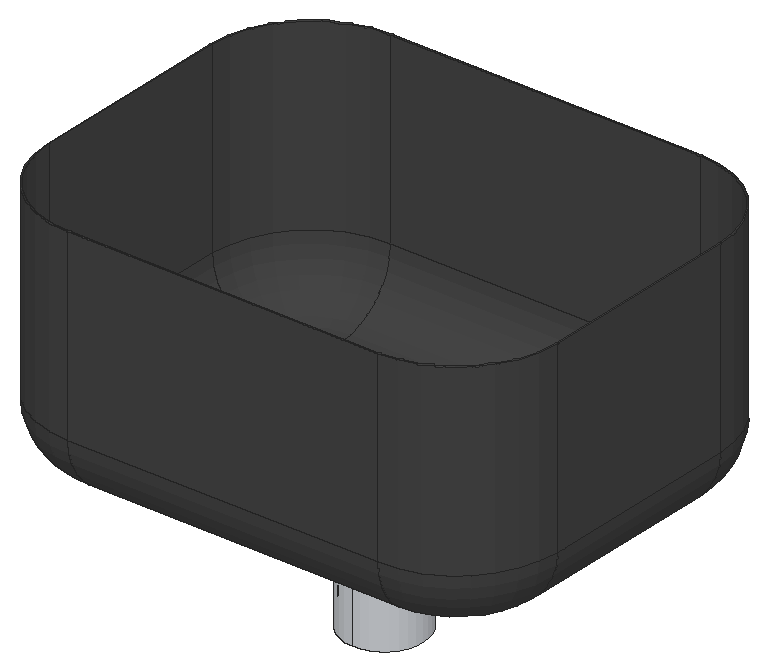
Revit family "Sluice Sink", category Plumbing Fixtures, Revit 2020
Family settings
  Round Connector Dimension = Use Diameter
  Part Type = Normal
  OmniClass Number = 23.45.00.00
  OmniClass Title = Sanitary, Laundry, and Cleaning Equipment
  Work Plane-Based = No
  Always vertical = Yes
  Cut with Voids When Loaded = No
  Shared = No
  Room Calculation Point = No
Parameters (values of type "FRSSWI75")
  Waste = "Welded 75 or 100mm outlet"  # constant formula
  Sink Material = Stainless Steel
  Model = "Sluice Sink"  # constant formula
  Material = "1.2mm 304 Stainless Steel"  # constant formula
  Manufacturer = ""
  Includes = "40mm Inlet"  # constant formula
  Finish = "Classic"  # constant formula
  FRSSWI75 = yes
  FRSSWI100 = no
  Description = "NZ Made Flushing Rim Sluice Sink"  # constant formula
  Default Elevation = 0 mm
  Brand = "Mercer"  # constant formula
  Assembly = "Pressed"  # constant formula
Types (2, lengths in mm): name | Manufacturer | FRSSWI75 | FRSSWI100
  FRSSWI75 | "" | yes | no
  FRSSWI100 | "Mercer" | no | yes
Reference planes
  plane 1 "Center (Front/Back)": y = 0
  plane 2: z = 0
  plane 3 "Center (Left/Right)": x = 0
  plane 4: z = 20.087
  plane 5 "bottom": z = -260
  plane 6: z = -373.913
  plane 7 "2": z = -373.913
  plane 8 "1": z = -258.813
  plane 9: y = -210
  plane 10: y = 210
  plane 11: x = -265
  plane 12: x = 265
Forms (mm)
  Sweep 1, solid, material "Stainless Steel" <- "Sink Material"
    path origin (0, 0, -279.113) x (0, 1, 0) y (-1, 0, 0)
      loop
        arc (145, 161) -> (133.577, 188.577) -> (106, 200) r 39
        line (106, 200) -> (-106, 200)
        arc (-106, 200) -> (-133.577, 188.577) -> (-145, 161) r 39
        line (-145, 161) -> (-145, -161)
        arc (-145, -161) -> (-133.577, -188.577) -> (-106, -200) r 39
        line (-106, -200) -> (106, -200)
        arc (106, -200) -> (133.577, -188.577) -> (145, -161) r 39
        line (145, -161) -> (145, 161)
    profile origin (0, 145, -279.113) x (0, 1, 0) y (0, 0, 1)
      loop
        arc (65, 278.6) -> (64.4, 279.2) -> (63.8, 278.6) r 0.6
        line (63.8, 278.6) -> (63.8, 84.113)
        arc (63.8, 84.113) -> (45.113, 38.999) -> (0, 20.313) r 63.8
        line (0, 20.313) -> (0, 19.113)
        arc (0, 19.113) -> (45.962, 38.151) -> (65, 84.113) r 65
        line (65, 84.113) -> (65, 278.6)
  Revolve 2, solid, material "Stainless Steel" <- "Sink Material", visible <- "FRSSWI100"
    sketch origin (0, 0, -1.113) x (0, 1, 0) y (0, 0, 1)
      loop
        line (145, -258.887) -> (145, -257.568)
        spline (145, -257.568) -> (135.844, -261.717) -> (126.703, -265.9) -> (117.594, -270.148) -> (108.538, -274.501) -> (99.56, -279.004) -> (90.691, -283.726) -> (81.977, -288.746) -> (73.523, -294.175) -> (65.485, -300.194) -> (58.18, -307.11) -> (52.431, -315.324) -> (50, -325.013)
        line (50, -325.013) -> (50, -372.8) -> (51.2, -372.8) -> (51.2, -325.068)
        spline (51.2, -325.068) -> (52.154, -319.197) -> (54.892, -313.419) -> (59.261, -307.725) -> (65.096, -302.108) -> (72.234, -296.557) -> (80.512, -291.066) -> (89.768, -285.626) -> (99.837, -280.227) -> (110.557, -274.863) -> (121.77, -269.524) -> (133.297, -264.201) -> (145, -258.887)
      axis (0, -372.8) -> (0, -257.568)
    angle from 0 to 360
  Revolve 3, solid, visible <- "FRSSWI75"
    sketch origin (0, 0, -1.113) x (0, 1, 0) y (0, 0, 1)
      loop
        line (41, -402.8) -> (41, -332.8) -> (39.8, -332.8) -> (39.8, -402.8) -> (41, -402.8)
      axis (0, -332.8) -> (0, -402.8)
    angle from 0 to 360
  Revolve 4, solid, visible <- "FRSSWI100"
    sketch origin (0, 0, -1.113) x (0, 1, 0) y (0, 0, 1)
      loop
        line (53.5, -402.8) -> (53.5, -332.8) -> (52.3, -332.8) -> (52.3, -402.8) -> (53.5, -402.8)
      axis (0, -332.8) -> (0, -402.8)
    angle from 0 to 360
  Extrusion 5, solid, material "Stainless Steel" <- "Sink Material"
    sketch origin (0, 0, -279.113) x (0, -1, 0) y (1, 0, 0)
      loop
        line (106, 200) -> (-106, 200)
        arc (-106, 200) -> (-133.577, 188.577) -> (-145, 161) r 39
        line (-145, 161) -> (-145, 0)
        arc (-145, 0) -> (0, 145) -> (145, 0) r 145
        line (145, 0) -> (145, 161)
        arc (145, 161) -> (133.577, 188.577) -> (106, 200) r 39
    from 19.1 to 20.3
  Revolve 6, solid, material "Stainless Steel" <- "Sink Material", visible <- "FRSSWI75"
    sketch origin (0, 0, -1.113) x (0, 1, 0) y (0, 0, 1)
      loop
        line (145, -258.887) -> (145, -257.568)
        spline (145, -257.568) -> (134.639, -262.263) -> (124.296, -266.996) -> (113.988, -271.804) -> (103.74, -276.729) -> (93.581, -281.825) -> (83.545, -287.168) -> (73.685, -292.848) -> (64.118, -298.991) -> (55.023, -305.803) -> (46.756, -313.629) -> (40.251, -322.923) -> (37.5, -333.887)
        line (37.5, -333.887) -> (37.5, -372.8) -> (38.7, -372.8) -> (38.7, -333.887)
        spline (38.7, -333.887) -> (39.781, -327.234) -> (42.884, -320.686) -> (47.835, -314.234) -> (54.448, -307.867) -> (62.538, -301.577) -> (71.919, -295.354) -> (82.407, -289.189) -> (93.819, -283.071) -> (105.967, -276.992) -> (118.674, -270.941) -> (131.738, -264.909) -> (145, -258.887)
      axis (0, -372.8) -> (0, -257.568)
    angle from 0 to 360
  Extrusion 7, solid, material "Stainless Steel" <- "Sink Material"
    sketch origin (0, 0, -279.113) x (0, -1, 0) y (1, 0, 0)
      loop
        arc (106, -200) -> (133.577, -188.577) -> (145, -161) r 39
        line (145, -161) -> (145, 0)
        arc (145, 0) -> (0, -145) -> (-145, 0) r 145
        line (-145, 0) -> (-145, -161)
        arc (-145, -161) -> (-133.577, -188.577) -> (-106, -200) r 39
        line (-106, -200) -> (106, -200)
    from 19.1 to 20.3
Lines and regions (mm)
  symbolic lines
    curve 1: spline (-200, 0, 0) -> (-198.289, 18.926, 0) -> (-193.185, 37.529, 0) -> (-184.776, 55.489, 0) -> (-173.205, 72.5, 0) -> (-158.671, 88.27, 0) -> (-141.421, 102.53, 0) -> (-121.752, 115.036, 0) -> (-100, 125.574, 0) -> (-76.537, 133.963, 0) -> (-51.764, 140.059, 0) -> (-26.105, 143.76, 0) -> (0, 145, 0)
    curve 2: spline (0, -145, 0) -> (-26.105, -143.76, 0) -> (-51.764, -140.059, 0) -> (-76.537, -133.963, 0) -> (-100, -125.574, 0) -> (-121.752, -115.036, 0) -> (-141.421, -102.53, 0) -> (-158.671, -88.27, 0) -> (-173.205, -72.5, 0) -> (-184.776, -55.489, 0) -> (-193.185, -37.529, 0) -> (-198.289, -18.926, 0) -> (-200, 0, 0)
    curve 3: spline (200, 0, 0) -> (198.289, -18.926, 0) -> (193.185, -37.529, 0) -> (184.776, -55.489, 0) -> (173.205, -72.5, 0) -> (158.671, -88.27, 0) -> (141.421, -102.53, 0) -> (121.752, -115.036, 0) -> (100, -125.574, 0) -> (76.537, -133.963, 0) -> (51.764, -140.059, 0) -> (26.105, -143.76, 0) -> (0, -145, 0)
    curve 4: spline (0, 145, 0) -> (26.105, 143.76, 0) -> (51.764, 140.059, 0) -> (76.537, 133.963, 0) -> (100, 125.574, 0) -> (121.752, 115.036, 0) -> (141.421, 102.53, 0) -> (158.671, 88.27, 0) -> (173.205, 72.5, 0) -> (184.776, 55.489, 0) -> (193.185, 37.529, 0) -> (198.289, 18.926, 0) -> (200, 0, 0)
    curve 5: circle (0, 0, 0) r 38 normal (0, 0, 1)
    curve 6: line (0, 210, 0) -> (0, 210, -195.013)
    curve 7: line (0, 20, -260.013) -> (0, 145, -260.013)
    curve 8: arc (0, 145, -260.013) -> (0, 190.962, -240.974) -> (0, 210, -195.013) r 65
    curve 9: arc (0, 145, -258.813) -> (0, 190.113, -240.126) -> (0, 208.8, -195.013) r 63.8
    curve 10: line (0, -157.432, -258.813) -> (0, 145, -258.813)
    curve 11: line (0, 208.8, 0) -> (0, 208.8, -195.013)
    curve 12: line (0, -210, 0) -> (0, -210, -195.013)
    curve 13: arc (0, -157.432, -258.813) -> (0, -195.165, -236.346) -> (0, -210, -195.013) r 65
    curve 14: arc (0, -145, -258.813) -> (0, -190.113, -240.126) -> (0, -208.8, -195.013) r 63.8
    curve 15: line (0, -208.8, 0) -> (0, -208.8, -195.013)
    curve 21: line (-265, 0, 0) -> (-265, 0, -195.013)
    curve 22: line (0, 0, -260.013) -> (-200, 0, -260.013)
    curve 23: arc (-200, 0, -260.013) -> (-245.962, 0, -240.974) -> (-265, 0, -195.013) r 65
    curve 24: arc (-200, 0, -258.813) -> (-245.113, 0, -240.126) -> (-263.8, 0, -195.013) r 63.8
    curve 25: line (212.432, 0, -258.813) -> (-200, 0, -258.813)
    curve 26: line (-263.8, 0, 0) -> (-263.8, 0, -195.013)
    curve 27: line (265, 0, 0) -> (265, 0, -195.013)
    curve 28: arc (212.432, 0, -258.813) -> (250.165, 0, -236.346) -> (265, 0, -195.013) r 65
    curve 29: arc (200, 0, -258.813) -> (245.113, 0, -240.126) -> (263.8, 0, -195.013) r 63.8
    curve 30: line (263.8, 0, 0) -> (263.8, 0, -195.013)
  symbolic lines, style "PlumbingFixturesHiddenLines", visible <- "FRSSWI100"
    curve 16: line (0, 51.2, -373.913) -> (0, -51.2, -373.913)
    curve 31: line (-51.2, 0, -373.913) -> (51.2, 0, -373.913)
  symbolic lines, style "PlumbingFixturesHiddenLines", visible <- "FRSSWI75"
    curve 17: line (0, 38.7, -373.913) -> (0, -38.7, -373.913)
    curve 32: line (-38.686, 0, -373.913) -> (38.8, 0, -373.913)
  symbolic lines, style "PlumbingFixturesHiddenLines"
    curve 18: line (0, 208.8, -195.013) -> (0, -208.8, -195.013)
    curve 19: line (0, -145, -258.813) -> (0, -145, 0)
    curve 20: line (0, 145, -258.813) -> (0, 145, 0)
    curve 33: line (-263.8, 0, -195.013) -> (263.8, 0, -195.013)
    curve 34: line (200, 0, -258.813) -> (200, 0, 0)
    curve 35: line (-200, 0, -258.813) -> (-200, 0, 0)
Dimensions and locks
  aligned and locked: level to plane 2
Connectors
  piping at (0, 0, -403.913), diameter 76
    settings: on Revolve 3, index 1, connector inside diameter 609.6 mm, connector length 0 mm, flow factor 0, pipe flow 0.0 L/s, pressure drop 0.0 Pa, fitting loss kfactor 0, connector angle 0.00°, fixture units 0, engagement length 0 mm, angle of deflection 0.00°, flow configuration 0, flow direction 0, fitting loss method 0, system type 16, joint type 0, gender type 0, connector reference index -1, connector utility 0, adjustable connector no, is connector primary yes, connector description ""
